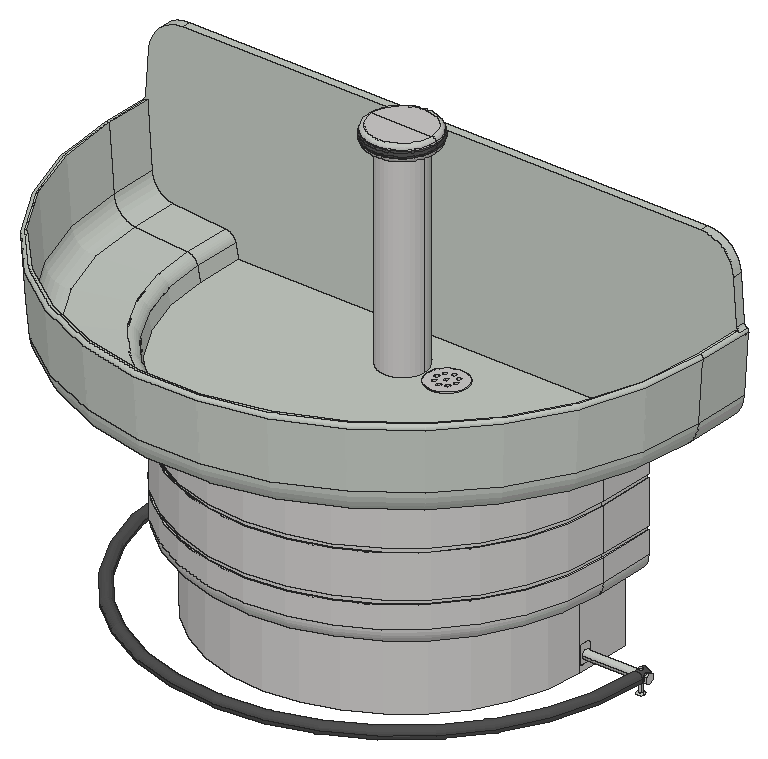
Revit family "Washfountain_Lavatory-Bradley_Corp-WF2504-Type_H_Drain", category Plumbing Fixtures, Revit 2012 (continued)
Lines and regions (in)
  model lines, not visible
    curve 24: arc (-18.00049, -5.09016, 19) -> (0, -23.09065, 19) -> (18.00049, -5.09016, 19) r 18.00049
    curve 25: line (18.00049, -5.09016, 19) -> (18.00049, 0, 19)
    curve 171: line (-21.00049, -5.09016, 0) -> (-21.00049, -4.125, 0)
    curve 172: arc (21.00049, -5.09016, 0) -> (0, -26.09065, 0) -> (-21.00049, -5.09016, 0) r 21.00049
    curve 173: line (21.00049, -4.125, 0) -> (21.00049, -5.09016, 0)
  sketch lines
    curve 17: line (-26.97649, -5.09016, 29.5) -> (-26.97649, 0, 29.5)
    curve 18: arc (-26.97649, -5.09016, 29.5) -> (0, -32.06665, 29.5) -> (26.97649, -5.09016, 29.5) r 26.97649
    curve 19: line (26.97649, -5.09016, 29.5) -> (26.97649, 0, 29.5)
    curve 20: line (-26.97649, -5.09016, 29.5) -> (-26.97649, 0, 29.5)
    curve 21: arc (-26.97649, -5.09016, 29.5) -> (0, -32.06665, 29.5) -> (26.97649, -5.09016, 29.5) r 26.97649
    curve 22: line (26.97649, -5.09016, 29.5) -> (26.97649, 0, 29.5)
    curve 26: line (-18.00049, 0, 19) -> (-18.00049, -5.09016, 19)
    curve 27: arc (-18.00049, -5.09016, 19) -> (0, -23.09065, 19) -> (18.00049, -5.09016, 19) r 18.00049
    curve 28: line (18.00049, -5.09016, 19) -> (18.00049, 0, 19)
    curve 29: line (-18.00049, 0, 19) -> (-18.00049, -5.09016, 19)
    curve 30: arc (-18.00049, -5.09016, 19) -> (0, -23.09065, 19) -> (18.00049, -5.09016, 19) r 18.00049
    curve 31: line (18.00049, -5.09016, 19) -> (18.00049, 0, 19)
    curve 32: line (-18.00049, 0, 19) -> (-18.00049, -5.09016, 19)
    curve 33: arc (-18.00049, -5.09016, 19) -> (0, -23.09065, 19) -> (18.00049, -5.09016, 19) r 18.00049
    curve 34: line (18.00049, -5.09016, 19) -> (18.00049, 0, 19)
    curve 35: line (-18.00049, 0, 19) -> (-18.00049, -5.09016, 19)
    curve 36: arc (-18.00049, -5.09016, 19) -> (0, -23.09065, 19) -> (18.00049, -5.09016, 19) r 18.00049
    curve 37: line (18.00049, -5.09016, 19) -> (18.00049, 0, 19)
    curve 174: line (-21.00049, -5.09016, 0) -> (-21.00049, -4.125, 0)
    curve 175: arc (21.00049, -5.09016, 0) -> (0, -26.09065, 0) -> (-21.00049, -5.09016, 0) r 21.00049
    curve 176: line (21.00049, -4.125, 0) -> (21.00049, -5.09016, 0)
  symbolic lines, visible <- "Standard Height"
    curve 38: line (-15.8525, 0, 6.50286) -> (15.85299, 0, 6.50286)
    curve 59: line (0, -20.94266, 6.50286) -> (0, 0, 6.50286)
  symbolic lines, visible <- "Standard Height", detail levels fine
    curve 39: line (17.87156, 0, 10.0615) -> (-17.87156, 0, 10.0615)
    curve 41: line (17.87156, 0, 10.43646) -> (-17.87156, 0, 10.43646)
    curve 42: line (17.87156, 0, 14.24904) -> (-17.87156, 0, 14.24904)
    curve 44: line (17.87156, 0, 14.624) -> (-17.87156, 0, 14.624)
    curve 60: line (0, -22.9605, 10.0615) -> (0, 0, 10.0615)
    curve 61: line (0, -22.9605, 10.43646) -> (0, 0, 10.43646)
    curve 63: line (0, -22.9605, 14.24904) -> (0, 0, 14.24904)
    curve 64: line (0, -22.9605, 14.624) -> (0, 0, 14.624)
  symbolic lines, visible <- "Standard Height", detail levels medium
    curve 40: line (-17.87156, 0, 10.24898) -> (17.87156, 0, 10.24898)
    curve 43: line (-17.87156, 0, 14.43652) -> (17.87156, 0, 14.43652)
    curve 62: line (0, -22.9605, 10.24898) -> (0, 0, 10.24898)
    curve 65: line (0, -22.9605, 14.43652) -> (0, 0, 14.43652)
  symbolic lines, visible <- "Juvenile Height"
    curve 45: line (-15.8525, 0, 9.1514) -> (15.8525, 0, 9.1514)
    curve 52: line (0, -20.94266, 9.1514) -> (0, 0, 9.1514)
  symbolic lines, visible <- "Juvenile Height", detail levels fine
    curve 46: line (17.89889, 0, 11.95585) -> (-17.89889, 0, 11.95585)
    curve 47: line (-17.89889, 0, 12.25134) -> (17.89889, 0, 12.25134)
    curve 49: line (17.89889, 0, 15.25592) -> (-17.89889, 0, 15.25592)
    curve 50: line (-17.89889, 0, 15.55141) -> (17.89889, 0, 15.55141)
    curve 53: line (0, -22.98904, 11.95585) -> (0, 0, 11.95585)
    curve 54: line (0, -22.98904, 12.25134) -> (0, 0, 12.25134)
    curve 56: line (0, -22.98904, 15.25592) -> (0, 0, 15.25592)
    curve 57: line (0, -22.98904, 15.55141) -> (0, 0, 15.55141)
  symbolic lines, visible <- "Juvenile Height", detail levels medium
    curve 48: line (17.89889, 0, 12.1036) -> (-17.89889, 0, 12.1036)
    curve 51: line (17.89889, 0, 15.40367) -> (-17.89889, 0, 15.40367)
    curve 55: line (0, -22.98904, 12.1036) -> (0, 0, 12.1036)
    curve 58: line (0, -22.98904, 15.40367) -> (0, 0, 15.40367)
  symbolic lines, detail levels coarse
    curve 66: line (0, -24.19857, 21.03318) -> (0, 0, 21.03318)
    curve 102: line (26.76758, 0, 29.5) -> (26.99999, 0, 29.5)
    curve 103: line (-26.76758, 0, 29.5) -> (-26.99999, 0, 29.5)
  symbolic lines, detail levels medium+fine
    curve 67: arc (0, -24.5796, 21.06589) -> (0, -20.96589, 20.75555) -> (0, -17.33954, 20.68645) r 54.45771
    curve 68: arc (-19.4921, -32.2274, 21.06542) -> (0, -32.2274, 20.35292) -> (19.4921, -32.2274, 21.06542) r 266.9846
    curve 73: line (-3.035, -5.25, 38.30527) -> (3.035, -5.25, 38.30527)
    curve 76: line (3.035, -5.25, 37.80542) -> (-3.03521, -5.25, 37.80542)
    curve 86: line (0, -2.215, 38.30527) -> (0, -8.28501, 38.30527)
    curve 89: line (0, -8.285, 37.80542) -> (0, -2.21501, 37.80542)
    curve 155: circle (0, -5.25, 38.75) r 3.035 normal (0, 0, 1)
    curve 209: circle (4, -5.25, 29.5) r 1.25 normal (0, 0, 1)
    curve 210: circle (4, -5.25, 29.5) r 0.1842 normal (0, 0, 1)
    curve 211: circle (4, -4.37229, 29.5) r 0.1842 normal (0, 0, 1)
    curve 212: circle (4.62063, -4.62937, 29.5) r 0.1842 normal (0, 0, 1)
    curve 213: circle (4.87771, -5.25, 29.5) r 0.1842 normal (0, 0, 1)
    curve 214: circle (4.62063, -5.87063, 29.5) r 0.1842 normal (0, 0, 1)
    curve 215: circle (4, -6.12771, 29.5) r 0.1842 normal (0, 0, 1)
    curve 216: circle (3.37937, -5.87063, 29.5) r 0.1842 normal (0, 0, 1)
    curve 217: circle (3.12229, -5.25, 29.5) r 0.1842 normal (0, 0, 1)
    curve 218: circle (3.37937, -4.62937, 29.5) r 0.1842 normal (0, 0, 1)
  symbolic lines, visible <- "Sensor Module", detail levels fine
    curve 69: line (-4.49987, -5.25, 41.68459) -> (4.49987, -5.25, 41.68459)
    curve 92: line (0, -0.75014, 41.68459) -> (0, -9.75014, 41.68459)
  symbolic lines, visible <- "Sensor Module", detail levels medium
    curve 70: line (4.57537, -5.25, 40.23512) -> (-4.57537, -5.25, 40.23512)
    curve 93: line (0, -9.82537, 40.23512) -> (0, -0.67463, 40.23512)
  symbolic lines, visible <- "Sensor Module"
    curve 71: line (-2, -5.25, 39.40962) -> (1.99689, -5.25, 39.40962)
    curve 94: line (0, -3.25001, 39.40962) -> (0, -7.25, 39.40962)
  symbolic lines, detail levels medium
    curve 72: line (-3.125, -5.25, 38.30527) -> (-3.035, -5.25, 38.30527)
    curve 74: line (3.035, -5.25, 38.30527) -> (3.125, -5.25, 38.30527)
    curve 75: line (3.125, -5.25, 37.80542) -> (3.035, -5.25, 37.80542)
    curve 77: line (-3.03521, -5.25, 37.80542) -> (-3.125, -5.25, 37.80542)
    curve 85: line (0, -2.125, 38.30527) -> (0, -2.215, 38.30527)
    curve 87: line (0, -8.28501, 38.30527) -> (0, -8.375, 38.30527)
    curve 88: line (0, -8.375, 37.80542) -> (0, -8.285, 37.80542)
    curve 90: line (0, -2.21501, 37.80542) -> (0, -2.125, 37.80542)
  symbolic lines
    curve 78: line (-2, -5.25, 37.36037) -> (2, -5.25, 37.36037)
    curve 91: line (0, -3.25001, 37.36037) -> (0, -7.25001, 37.36037)
    curve 101: line (-26.76758, 0, 29.5) -> (26.76758, 0, 29.5)
    curve 146: line (-18.00049, -5.09016, 29.5) -> (-18.00049, -0.8003, 29.5)
    curve 147: arc (-18.00049, -5.09016, 29.5) -> (0, -23.09065, 29.5) -> (18.00049, -5.09016, 29.5) r 18.00049
    curve 148: line (18.00049, -0.8003, 29.5) -> (18.00049, -5.09016, 29.5)
    curve 156: line (-26.99999, -0.8003, 29.5) -> (26.99999, -0.8003, 29.5)
    curve 204: line (-26.50049, -5.09016, 29.5) -> (-26.50049, -0.8003, 29.5)
    curve 205: arc (26.50049, -5.09016, 29.5) -> (0, -31.59065, 29.5) -> (-26.50049, -5.09016, 29.5) r 26.50049
    curve 206: line (26.50049, -0.8003, 29.5) -> (26.50049, -5.09016, 29.5)
    curve 208: circle (4, -5.25, 29.5) r 1.75 normal (0, 0, 1)
  symbolic lines, visible <- "Soap Dispenser", detail levels medium+fine
    curve 79: line (-6.24592, -5.25, 46.25047) -> (6.24592, -5.25, 46.25047)
    curve 96: line (0, -11.49592, 46.25047) -> (0, -3, 46.25047)
    curve 151: line (-5.85471, -3, 47.25) -> (-5.85471, -5.25, 47.25)
    curve 152: arc (5.85471, -5.25, 47.25) -> (0, -11.10471, 47.25) -> (-5.85471, -5.25, 47.25) r 5.85471
    curve 153: line (5.85471, -5.25, 47.25) -> (5.85471, -3, 47.25)
  symbolic lines, visible <- "Soap Dispenser", detail levels fine
    curve 80: line (6.24592, -5.25, 46.87642) -> (-6.24592, -5.25, 46.87642)
    curve 81: line (-5.97, -5.25, 45.63597) -> (5.97, -5.25, 45.63597)
    curve 82: line (5.93, -5.25, 44.38597) -> (-5.93, -5.25, 44.38597)
    curve 83: line (-5.88598, -5.25, 43.13598) -> (5.88598, -5.25, 43.13598)
    curve 84: line (5.85471, -5.25, 41.88597) -> (-5.85471, -5.25, 41.88597)
    curve 95: line (0, -11.49592, 46.87642) -> (0, -3, 46.87642)
    curve 97: line (0, -11.22, 45.63597) -> (0, -3, 45.63597)
    curve 98: line (0, -11.18, 44.38597) -> (0, -3, 44.38597)
    curve 99: line (0, -11.13598, 43.13598) -> (0, -3, 43.13598)
    curve 100: line (0, -11.10471, 41.88597) -> (0, -3, 41.88597)
  model lines, visible <- "Towel Dispenser", detail levels fine
    curve 106: spline (3.55188, -13.597, 53.37502) -> (3.64368, -13.43362, 56.41615) -> (3.91281, -12.95459, 59.25002) -> (4.34094, -12.19257, 61.68353) -> (4.89888, -11.19948, 63.55082) -> (5.54862, -10.04301, 64.72465) -> (6.24588, -8.80197, 65.12502) -> (6.94314, -7.56092, 64.72465) -> (7.59288, -6.40445, 63.55082) -> (8.15082, -5.41136, 61.68353) -> (8.57895, -4.64934, 59.25002) -> (8.84808, -4.17032, 56.41615) -> (8.93988, -4.00693, 53.37502)
    curve 107: spline (-8.93988, -4.00693, 53.37502) -> (-8.84808, -4.17032, 56.41615) -> (-8.57895, -4.64934, 59.25002) -> (-8.15082, -5.41136, 61.68353) -> (-7.59288, -6.40445, 63.55082) -> (-6.94314, -7.56092, 64.72465) -> (-6.24588, -8.80197, 65.12502) -> (-5.54862, -10.04301, 64.72465) -> (-4.89888, -11.19948, 63.55082) -> (-4.34094, -12.19257, 61.68353) -> (-3.91281, -12.95459, 59.25002) -> (-3.64368, -13.43362, 56.41615) -> (-3.55188, -13.597, 53.37502)
    curve 140: spline (-7.98129, -5.71312, 55.97659) -> (-7.96197, -5.74749, 56.01066) -> (-7.94398, -5.77953, 56.11056) -> (-7.92852, -5.80703, 56.26948) -> (-7.91666, -5.82814, 56.47659) -> (-7.90921, -5.84141, 56.71777) -> (-7.90667, -5.84593, 56.97659) -> (-7.90921, -5.84141, 57.2354) -> (-7.91666, -5.82814, 57.47659) -> (-7.92852, -5.80703, 57.68369) -> (-7.94398, -5.77953, 57.84261) -> (-7.96197, -5.74749, 57.94251) -> (-7.98129, -5.71312, 57.97659) -> (-8.0006, -5.67874, 57.94251) -> (-8.0186, -5.64671, 57.84261) -> (-8.03405, -5.6192, 57.68369) -> (-8.04591, -5.59809, 57.47659) -> (-8.05337, -5.58483, 57.2354) -> (-8.05591, -5.5803, 56.97659) -> (-8.05337, -5.58483, 56.71777) -> (-8.04591, -5.59809, 56.47659) -> (-8.03405, -5.6192, 56.26948) -> (-8.0186, -5.64671, 56.11056) -> (-8.0006, -5.67874, 56.01066) -> (-7.98129, -5.71312, 55.97659)
    curve 141: spline (4.51047, -11.89081, 55.97659) -> (4.52978, -11.85644, 56.01066) -> (4.54778, -11.82441, 56.11056) -> (4.56324, -11.7969, 56.26948) -> (4.57509, -11.77579, 56.47659) -> (4.58255, -11.76252, 56.71777) -> (4.58509, -11.758, 56.97659) -> (4.58255, -11.76252, 57.2354) -> (4.57509, -11.77579, 57.47659) -> (4.56324, -11.7969, 57.68369) -> (4.54778, -11.82441, 57.84261) -> (4.52978, -11.85644, 57.94251) -> (4.51047, -11.89081, 57.97659) -> (4.49116, -11.92519, 57.94251) -> (4.47316, -11.95722, 57.84261) -> (4.45771, -11.98473, 57.68369) -> (4.44585, -12.00584, 57.47659) -> (4.43839, -12.01911, 57.2354) -> (4.43585, -12.02363, 56.97659) -> (4.43839, -12.01911, 56.71777) -> (4.44585, -12.00584, 56.47659) -> (4.45771, -11.98473, 56.26948) -> (4.47316, -11.95722, 56.11056) -> (4.49116, -11.92519, 56.01066) -> (4.51047, -11.89081, 55.97659)
  symbolic lines, visible <- "Towel Dispenser"
    curve 108: line (-8.93988, -27, 66.62567) -> (-3.55188, -27, 66.62567)
    curve 109: line (-0.06458, -27, 67.313) -> (-3.55188, -27, 66.62567)
    curve 110: line (3.55188, -27, 66.62567) -> (0.06458, -27, 67.313)
    curve 111: line (8.93988, -27, 66.62567) -> (3.55188, -27, 66.62567)
    curve 112: line (3.55188, -27, 53.37502) -> (3.55188, -27, 66.62567)
    curve 113: line (-3.55188, -27, 66.62567) -> (-3.55188, -27, 53.37502)
    curve 114: line (-8.93988, -27, 53.37502) -> (-3.55188, -27, 53.37502)
    curve 115: line (-3.55188, -27, 53.37502) -> (-1.59028, -27, 52)
    curve 116: line (1.59028, -27, 52) -> (3.55188, -27, 53.37502)
    curve 125: line (0.06458, -27, 67.313) -> (0.06458, -27, 52)
    curve 126: line (-0.06458, -27, 52) -> (-0.06458, -27, 67.313)
    curve 130: line (0, -4.00693, 66.62567) -> (0, -2.04766, 67.313)
    curve 131: line (0, -4.00693, 66.62567) -> (0, -13.597, 66.62567)
    curve 132: line (0, -4.00693, 53.37502) -> (0, -4.00693, 66.62567)
    curve 133: line (0, -4.00693, 53.37502) -> (0, -13.597, 53.37502)
    curve 134: line (0, -2.90484, 52) -> (0, -4.00693, 53.37502)
    curve 145: line (8.93988, -27, 53.37502) -> (3.55188, -27, 53.37502)
    curve 149: line (-6.97827, -2.90484, 52) -> (-1.59028, -12.49491, 52)
    curve 150: line (6.97827, -2.90484, 52) -> (1.59028, -12.49491, 52)
    curve 157: line (-0.06458, -11.63773, 52) -> (-5.45258, -2.04766, 52)
    curve 158: line (5.45258, -2.04766, 52) -> (0.06458, -11.63773, 52)
    curve 160: line (-5.45258, 3, 67.313) -> (-5.45258, 3, 52)
    curve 161: line (5.45258, 3, 67.313) -> (5.45258, 3, 52)
    curve 162: line (5.45258, 3, 66.62567) -> (-5.45258, 3, 66.62567)
    curve 163: line (-5.45258, 3, 66.12567) -> (5.45258, 3, 66.12567)
    curve 164: line (5.45258, 3, 53.5786) -> (-5.45258, 3, 53.5786)
    curve 165: line (-5.45258, 3, 53.0786) -> (5.45258, 3, 53.0786)
    curve 166: line (-2, 3, 66.12567) -> (-2, 3, 53.5786)
    curve 167: line (2, 3, 66.12567) -> (2, 3, 53.5786)
    curve 168: line (-2, 3, 53.0786) -> (-2, 3, 52)
    curve 169: line (2, 3, 53.0786) -> (2, 3, 52)
    curve 170: line (-2, -27, 52) -> (2, -27, 52)
  symbolic lines, visible <- "Towel Dispenser", detail levels medium+fine
    curve 117: line (3.86374, -27, 53.0786) -> (7.78228, -27, 53.0786)
    curve 118: spline (7.78228, -27, 53.0786) -> (7.85835, -27, 53.06528) -> (7.89121, -27, 53.02621) -> (7.87863, -27, 52.96406) -> (7.82146, -27, 52.88306) -> (7.7236, -27, 52.78873) -> (7.59171, -27, 52.68751) -> (7.43479, -27, 52.58629) -> (7.26353, -27, 52.49197) -> (7.08959, -27, 52.41097) -> (6.92485, -27, 52.34882) -> (6.78051, -27, 52.30975) -> (6.66642, -27, 52.29642)
    curve 119: line (6.66642, -27, 52.29642) -> (2.74787, -27, 52.29642)
    curve 120: spline (2.74787, -27, 52.29642) -> (2.6718, -27, 52.30975) -> (2.63894, -27, 52.34882) -> (2.65152, -27, 52.41097) -> (2.70869, -27, 52.49197) -> (2.80656, -27, 52.58629) -> (2.93844, -27, 52.68751) -> (3.09536, -27, 52.78873) -> (3.26663, -27, 52.88306) -> (3.44056, -27, 52.96406) -> (3.60531, -27, 53.02621) -> (3.74965, -27, 53.06528) -> (3.86374, -27, 53.0786)
    curve 121: line (-3.86374, -27, 53.0786) -> (-7.78228, -27, 53.0786)
    curve 122: spline (-7.78228, -27, 53.0786) -> (-7.85835, -27, 53.06528) -> (-7.89121, -27, 53.02621) -> (-7.87863, -27, 52.96406) -> (-7.82146, -27, 52.88306) -> (-7.7236, -27, 52.78873) -> (-7.59171, -27, 52.68751) -> (-7.43479, -27, 52.58629) -> (-7.26353, -27, 52.49197) -> (-7.08959, -27, 52.41097) -> (-6.92485, -27, 52.34882) -> (-6.78051, -27, 52.30975) -> (-6.66642, -27, 52.29642)
    curve 123: line (-6.66642, -27, 52.29642) -> (-2.74787, -27, 52.29642)
    curve 124: spline (-2.74787, -27, 52.29642) -> (-2.6718, -27, 52.30975) -> (-2.63894, -27, 52.34882) -> (-2.65152, -27, 52.41097) -> (-2.70869, -27, 52.49197) -> (-2.80656, -27, 52.58629) -> (-2.93844, -27, 52.68751) -> (-3.09536, -27, 52.78873) -> (-3.26663, -27, 52.88306) -> (-3.44056, -27, 52.96406) -> (-3.60531, -27, 53.02621) -> (-3.74965, -27, 53.06528) -> (-3.86374, -27, 53.0786)
    curve 135: line (0, -5.07708, 53.0786) -> (0, -12.05168, 53.0786)
    curve 136: spline (0, -12.05168, 53.0786) -> (0, -12.21024, 53.06528) -> (0, -12.33662, 53.02621) -> (0, -12.42223, 52.96406) -> (0, -12.46122, 52.88306) -> (0, -12.45094, 52.78873) -> (0, -12.39209, 52.68751) -> (0, -12.28868, 52.58629) -> (0, -12.14776, 52.49197) -> (0, -11.97892, 52.41097) -> (0, -11.79369, 52.34882) -> (0, -11.60467, 52.30975) -> (0, -11.42476, 52.29642)
    curve 137: line (0, -11.42476, 52.29642) -> (0, -4.45016, 52.29642)
    curve 138: spline (0, -4.45016, 52.29642) -> (0, -4.29161, 52.30975) -> (0, -4.16522, 52.34882) -> (0, -4.07961, 52.41097) -> (0, -4.04062, 52.49197) -> (0, -4.0509, 52.58629) -> (0, -4.10975, 52.68751) -> (0, -4.21316, 52.78873) -> (0, -4.35409, 52.88306) -> (0, -4.52292, 52.96406) -> (0, -4.70815, 53.02621) -> (0, -4.89717, 53.06528) -> (0, -5.07708, 53.0786)
  symbolic lines, visible <- "Towel Dispenser", detail levels fine
    curve 127: spline (3.55188, -27, 53.37502) -> (3.64368, -27, 56.41615) -> (3.91281, -27, 59.25002) -> (4.34094, -27, 61.68353) -> (4.89888, -27, 63.55082) -> (5.54862, -27, 64.72465) -> (6.24588, -27, 65.12502) -> (6.94314, -27, 64.72465) -> (7.59288, -27, 63.55082) -> (8.15082, -27, 61.68353) -> (8.57895, -27, 59.25002) -> (8.84808, -27, 56.41615) -> (8.93988, -27, 53.37502)
    curve 128: spline (-8.93988, -27, 53.37502) -> (-8.84808, -27, 56.41615) -> (-8.57895, -27, 59.25002) -> (-8.15082, -27, 61.68353) -> (-7.59288, -27, 63.55082) -> (-6.94314, -27, 64.72465) -> (-6.24588, -27, 65.12502) -> (-5.54862, -27, 64.72465) -> (-4.89888, -27, 63.55082) -> (-4.34094, -27, 61.68353) -> (-3.91281, -27, 59.25002) -> (-3.64368, -27, 56.41615) -> (-3.55188, -27, 53.37502)
    curve 139: spline (0, -4.00693, 53.37502) -> (0, -4.17032, 56.41615) -> (0, -4.64934, 59.25002) -> (0, -5.41136, 61.68353) -> (0, -6.40445, 63.55082) -> (0, -7.56092, 64.72465) -> (0, -8.80197, 65.12502) -> (0, -10.04301, 64.72465) -> (0, -11.19948, 63.55082) -> (0, -12.19257, 61.68353) -> (0, -12.95459, 59.25002) -> (0, -13.43362, 56.41615) -> (0, -13.597, 53.37502)
    curve 142: spline (-7.98129, -27, 55.97659) -> (-7.96197, -27, 56.01066) -> (-7.94398, -27, 56.11056) -> (-7.92852, -27, 56.26948) -> (-7.91666, -27, 56.47659) -> (-7.90921, -27, 56.71777) -> (-7.90667, -27, 56.97659) -> (-7.90921, -27, 57.2354) -> (-7.91666, -27, 57.47659) -> (-7.92852, -27, 57.68369) -> (-7.94398, -27, 57.84261) -> (-7.96197, -27, 57.94251) -> (-7.98129, -27, 57.97659) -> (-8.0006, -27, 57.94251) -> (-8.0186, -27, 57.84261) -> (-8.03405, -27, 57.68369) -> (-8.04591, -27, 57.47659) -> (-8.05337, -27, 57.2354) -> (-8.05591, -27, 56.97659) -> (-8.05337, -27, 56.71777) -> (-8.04591, -27, 56.47659) -> (-8.03405, -27, 56.26948) -> (-8.0186, -27, 56.11056) -> (-8.0006, -27, 56.01066) -> (-7.98129, -27, 55.97659)
    curve 143: spline (4.51047, -27, 55.97659) -> (4.52978, -27, 56.01066) -> (4.54778, -27, 56.11056) -> (4.56324, -27, 56.26948) -> (4.57509, -27, 56.47659) -> (4.58255, -27, 56.71777) -> (4.58509, -27, 56.97659) -> (4.58255, -27, 57.2354) -> (4.57509, -27, 57.47659) -> (4.56324, -27, 57.68369) -> (4.54778, -27, 57.84261) -> (4.52978, -27, 57.94251) -> (4.51047, -27, 57.97659) -> (4.49116, -27, 57.94251) -> (4.47316, -27, 57.84261) -> (4.45771, -27, 57.68369) -> (4.44585, -27, 57.47659) -> (4.43839, -27, 57.2354) -> (4.43585, -27, 56.97659) -> (4.43839, -27, 56.71777) -> (4.44585, -27, 56.47659) -> (4.45771, -27, 56.26948) -> (4.47316, -27, 56.11056) -> (4.49116, -27, 56.01066) -> (4.51047, -27, 55.97659)
    curve 144: spline (0, -5.71312, 55.97659) -> (0, -5.74749, 56.01066) -> (0, -5.77953, 56.11056) -> (0, -5.80703, 56.26948) -> (0, -5.82814, 56.47659) -> (0, -5.84141, 56.71777) -> (0, -5.84593, 56.97659) -> (0, -5.84141, 57.2354) -> (0, -5.82814, 57.47659) -> (0, -5.80703, 57.68369) -> (0, -5.77953, 57.84261) -> (0, -5.74749, 57.94251) -> (0, -5.71312, 57.97659) -> (0, -5.67874, 57.94251) -> (0, -5.64671, 57.84261) -> (0, -5.6192, 57.68369) -> (0, -5.59809, 57.47659) -> (0, -5.58483, 57.2354) -> (0, -5.5803, 56.97659) -> (0, -5.58483, 56.71777) -> (0, -5.59809, 56.47659) -> (0, -5.6192, 56.26948) -> (0, -5.64671, 56.11056) -> (0, -5.67874, 56.01066) -> (0, -5.71312, 55.97659)
  symbolic lines, visible <- "Sensor Module", detail levels medium+fine
    curve 154: circle (0, -5.25, 42.25) r 2.10282 normal (0, 0, 1)
  symbolic lines, visible <- "Foot Control Valve"
    curve 177: line (-15.978, 0, 1.796) -> (-20.65712, 0, 1.796)
    curve 178: line (-15.978, 0, 1.054) -> (-20.65712, 0, 1.054)
    curve 179: arc (-20.88349, 0, 1.925) -> (-20.50058, 0, 1.425) -> (-20.88349, 0, 0.925) r 0.5179
    curve 184: line (15.978, 0, 1.796) -> (20.65712, 0, 1.796)
    curve 185: line (15.978, 0, 1.054) -> (20.65712, 0, 1.054)
    curve 186: arc (20.88349, 0, 1.925) -> (20.50058, 0, 1.425) -> (20.88349, 0, 0.925) r 0.5179
  symbolic lines, visible <- "Foot Control Valve", detail levels fine
    curve 180: line (-21.53456, 0, 1.796) -> (-21.53456, 0, 1.054)
    curve 181: line (-21.80027, 0, 1.64221) -> (-21.53456, 0, 1.64221)
    curve 182: line (-21.80027, 0, 1.21324) -> (-21.53456, 0, 1.21324)
    curve 183: line (-21.11749, 0, 0.12175) -> (-20.88349, 0, 0.12175)
    curve 187: line (21.53456, 0, 1.796) -> (21.53456, 0, 1.054)
    curve 188: line (21.80027, 0, 1.64221) -> (21.53456, 0, 1.64221)
    curve 189: line (21.80027, 0, 1.21324) -> (21.53456, 0, 1.21324)
    curve 190: line (21.11749, 0, 0.12175) -> (20.88349, 0, 0.12175)
    curve 192: arc (0, -4.996, 1.425) -> (0, -4.625, 1.796) -> (0, -4.254, 1.425) r 0.371
    curve 193: arc (0, -4.254, 1.425) -> (0, -4.625, 1.054) -> (0, -4.996, 1.425) r 0.371
    curve 194: line (0, -4.12723, 2.04222) -> (0, -4.12723, 1.925)
    curve 195: arc (0, -4.12723, 0.91722) -> (0, -4.20046, 0.74044) -> (0, -4.37723, 0.66722) r 0.25
    curve 196: line (0, -4.37723, 0.66722) -> (0, -4.508, 0.66722)
    curve 197: arc (0, -4.87723, 0.66722) -> (0, -5.05401, 0.74044) -> (0, -5.12723, 0.91722) r 0.25
    curve 198: arc (0, -5.12723, 2.04222) -> (0, -5.05401, 2.219) -> (0, -4.87723, 2.29222) r 0.25
    curve 199: line (0, -4.87723, 2.29222) -> (0, -4.37723, 2.29222)
    curve 200: arc (0, -4.37723, 2.29222) -> (0, -4.20046, 2.219) -> (0, -4.12723, 2.04222) r 0.25
    curve 202: line (0, -5.12723, 1.925) -> (0, -5.12723, 2.04222)
    curve 203: line (0, -4.742, 0.66722) -> (0, -4.87723, 0.66722)
  symbolic lines, not visible, detail levels fine
    curve 201: line (0, -4.12723, 1.73022) -> (0, -4.12723, 0.91722)
  model lines, detail levels medium+fine
    curve 207: circle (4, -5.25, 19.55176) r 1.25 normal (0, 0, 1)
  symbolic lines, visible <- "Button Visibility"
    curve 219: circle (0, -5.25, 40.8851) r 0.5 normal (0, -1, 0)
Dimensions and locks (in)
  equal spacing: plane 4 "Left", plane 3 "Center (Left/Right)", plane 5 "Right"
  "Width": plane 4 "Left" to plane 5 "Right"
  "Towel Dispenser Height": plane 6 "Towel Dispenser" to plane 2
  "Soap Dispenser Height": plane 7 "Soap Dispenser" to plane 2
  "Sensor Module Height": plane 8 "Sensor Module" to plane 2
  "Spray Head Height": plane 9 "Spray Head" to plane 2
  "Rim Height": plane 10 "Rim Height" to plane 2
  "Pedestal Height": plane 11 "Pedestal Height" to plane 2
  equal spacing: curve 14, plane 3 "Center (Left/Right)", curve 16
  locked: plane 7 "Soap Dispenser" to Revolve 7 sketch curve at 6
  locked: plane 9 "Spray Head" to Revolve 10 sketch curve at 1.38963
  locked: plane 7 "Soap Dispenser" to Extrusion 14 sketch curve at 6
  locked: plane 8 "Sensor Module" to Revolve 15 sketch curve at 2.84038
  locked: plane 8 "Sensor Module" to Revolve 16 sketch curve at 2.84038
  locked: plane 8 "Sensor Module" to Masking region 13 sketch curve at 2.84038  (x2)
  locked: plane 8 "Sensor Module" to Masking region 14 sketch curve at 2.84038  (x2)
  locked: plane 9 "Spray Head" to Masking region 15 sketch curve at 1.39  (x2)
  locked: plane 9 "Spray Head" to Masking region 16 sketch curve at 1.39
  locked: plane 9 "Spray Head" to Masking region 16 sketch curve at 1.38963
  locked: plane 7 "Soap Dispenser" to Masking region 17 sketch curve at 6
  locked: plane 7 "Soap Dispenser" to Masking region 18 sketch curve at 6
  locked: plane 9 "Spray Head" to Revolve 9 sketch curve at 1.38963
  locked: plane 9 "Spray Head" to Masking region 19 sketch curve at 1.38963  (x2)
  locked: plane 9 "Spray Head" to Masking region 20 sketch curve at 1.38963  (x2)
  locked: plane 8 "Sensor Module" to Masking region 21 sketch curve at 2.84038  (x2)
  locked: plane 8 "Sensor Module" to Masking region 22 sketch curve at 2.84038  (x2)
  locked: Extrusion 17 sketch curve to curve 104 at 4
  locked: curve 104 to Extrusion 17 sketch curve at 15.313
  locked: curve 104 to Extrusion 17 sketch curve at 15.16279
  locked: curve 105 to Extrusion 18 sketch curve at 4
  locked: curve 105 to Extrusion 18 sketch curve at 15.16279
  locked: curve 105 to Extrusion 18 sketch curve at 15.313
  locked: Masking region 25 sketch curve to plane 6 "Towel Dispenser" at 15.313
  locked: Extrusion 19 to Extrusion 17 at 1
  "Towel Dispenser Holder": plane 6 "Towel Dispenser" to Extrusion 19
  "Towel Dispenser Holder": plane 6 "Towel Dispenser" to Masking region 32
  locked: plane 7 "Soap Dispenser" to plane 12 at 6
  "Soap Dispenser Holder": plane 12 to Extrusion 20
  "Soap Dispenser Holder": plane 12 to Masking region 33
  "Soap Dispenser Holder": Masking region 34 to plane 12
  "Towel Dispenser Holder": plane 6 "Towel Dispenser" to Masking region 25 sketch curve
  plane 13 to plane 1 "Center (Front/Back)" = 32.2274"
  locked: Extrusion 19 to Masking region 26 sketch curve at 1
  Extrusion 38 sketch curve to plane 3 "Center (Left/Right)" to Extrusion 38 sketch curve = 7.625" locked, 7.625" locked
  locked: Extrusion 38 sketch curve to plane 1 "Center (Front/Back)" at 2  (x2)
  locked: Extrusion 39 sketch curve to plane 1 "Center (Front/Back)" at 5.25
  locked: Extrusion 39 sketch curve to plane 3 "Center (Left/Right)" at 4
  Extrusion 39 to plane 2 = 3.000"
  locked: Extrusion 38 to plane 2 at 2.5
  Extrusion 41 sketch curve to plane 3 "Center (Left/Right)" to Extrusion 41 sketch curve = 7.625" locked, 7.625" locked
  "Secondary Supply Height": Extrusion 41 sketch curve to plane 2  (x2)
  locked: plane 1 "Center (Front/Back)" to Extrusion 41 at 2.5
  "Supply Height": Extrusion 40 to plane 2
  plane 7 "Soap Dispenser" to Revolve 8 sketch curve to Revolve 8 sketch curve = 0.99953" locked, 5.00047" locked
  plane 7 "Soap Dispenser" to Extrusion 13 sketch curve to Extrusion 13 sketch curve = 0.99953" locked, 5.00047" locked
  locked: plane 7 "Soap Dispenser" to Revolve 42 sketch curve at 0.99953
  locked: plane 7 "Soap Dispenser" to Extrusion 43 sketch curve at 0.99953
  Extrusion 41 sketch curve to Extrusion 41 sketch curve to plane 2 = 2.000" locked, 10.000" locked
  "Hot Lavatory Inlet Secondary Radius": radius of Extrusion 38 sketch curve
  "Cold Lavatory Inlet Secondary Radius": radius of Extrusion 38 sketch curve
  "Drain Radius": radius of Extrusion 39 sketch curve
  "Vent Radius": radius of Extrusion 40 sketch curve
  "Hot Lavatory Inlet Primary Radius": radius of Extrusion 41 sketch curve
  "Cold Lavatory Inlet Primary Radius": radius of Extrusion 41 sketch curve
  aligned and locked: Revolve 7 sketch curve to plane 3 "Center (Left/Right)"
  aligned and locked: Revolve 8 sketch curve to plane 3 "Center (Left/Right)"
  aligned and locked: Revolve 9 sketch curve to plane 3 "Center (Left/Right)"
  aligned and locked: Revolve 10 sketch curve to plane 3 "Center (Left/Right)"
  aligned and locked: plane 3 "Center (Left/Right)" to Revolve 10 sketch curve
  aligned and locked: Revolve 10 sketch curve to plane 11 "Pedestal Height"
  aligned and locked: Revolve 9 sketch curve to plane 11 "Pedestal Height"
  aligned and locked: Revolve 15 sketch curve to plane 9 "Spray Head"
  aligned and locked: Revolve 15 sketch curve to plane 3 "Center (Left/Right)"
  aligned and locked: Revolve 16 sketch curve to plane 9 "Spray Head"
  aligned and locked: Revolve 16 sketch curve to plane 3 "Center (Left/Right)"
  aligned and locked: Masking region 13 sketch curve to plane 9 "Spray Head"
  aligned and locked: Masking region 14 sketch curve to plane 9 "Spray Head"
  aligned and locked: Masking region 15 sketch curve to plane 10 "Rim Height"
  aligned and locked: Masking region 16 sketch curve to plane 10 "Rim Height"
  aligned and locked: plane 10 "Rim Height" to Masking region 19 sketch curve
  aligned and locked: Masking region 20 sketch curve to plane 10 "Rim Height"
  aligned and locked: Masking region 21 sketch curve to plane 9 "Spray Head"
  aligned and locked: Masking region 22 sketch curve to plane 9 "Spray Head"
  aligned and locked: plane 6 "Towel Dispenser" to Masking region 32 sketch curve
  aligned and locked: Extrusion 20 to plane 12
  aligned and locked: Masking region 33 sketch curve to plane 12
  aligned and locked: plane 12 to Masking region 34 sketch curve
  aligned and locked: Extrusion 36 to plane 11 "Pedestal Height"
  aligned and locked: plane 10 "Rim Height" to Extrusion 36
  aligned and locked: Extrusion 37 to plane 11 "Pedestal Height"
  aligned and locked: plane 3 "Center (Left/Right)" to Extrusion 40 sketch curve
  aligned and locked: curve 7 to Extrusion 40 sketch curve
  aligned and locked: Extrusion 38 to plane 2
  aligned and locked: Extrusion 39 to plane 2
  aligned and locked: Extrusion 41 to plane 1 "Center (Front/Back)"
  aligned and locked: Extrusion 40 to plane 2
  aligned and locked: Revolve 42 sketch curve to plane 3 "Center (Left/Right)"
  aligned and locked: plane 3 "Center (Left/Right)" to Extrusion 44 sketch curve
Automatic sketch dimensions
  curve 172 to plane 3 "Center (Left/Right)" = 0.000"
  plane 4 "Left" to curve 171 = 5.99951"
  plane 1 "Center (Front/Back)" to curve 173 = 5.09016"
  curve 173 to curve 173 = 0.96516"
  curve 171 to curve 171 = 0.96516"
  curve 25 to plane 1 "Center (Front/Back)" = 0.000"
  curve 13 to plane 1 "Center (Front/Back)" = 0.000"
  curve 24 to plane 3 "Center (Left/Right)" = 0.000"
  curve 23 to plane 1 "Center (Front/Back)" = 0.000"
  plane 3 "Center (Left/Right)" to curve 13 = 1.49945"
  curve 25 to plane 5 "Right" = 8.99951"
  curve 13 to plane 3 "Center (Left/Right)" = 1.49945"
  plane 1 "Center (Front/Back)" to curve 24 = 5.09016"
  curve 4 to plane 3 "Center (Left/Right)" = 0.000"
  plane 3 "Center (Left/Right)" to curve 3 = 3.000"
  curve 3 to plane 3 "Center (Left/Right)" = 3.000"
  curve 4 to plane 1 "Center (Front/Back)" = 3.000"
  plane 1 "Center (Front/Back)" to curve 4 = 3.000"
  curve 4 to curve 3 = 2.250"
  curve 6 to plane 3 "Center (Left/Right)" = 0.000"
  plane 3 "Center (Left/Right)" to curve 5 = 3.000"
  curve 5 to plane 3 "Center (Left/Right)" = 3.000"
  curve 6 to plane 1 "Center (Front/Back)" = 3.000"
  plane 1 "Center (Front/Back)" to curve 6 = 3.000"
  curve 6 to curve 5 = 2.250"
  curve 8 to plane 3 "Center (Left/Right)" = 0.000"
  plane 3 "Center (Left/Right)" to curve 7 = 3.000"
  curve 7 to plane 3 "Center (Left/Right)" = 3.000"
  curve 8 to plane 1 "Center (Front/Back)" = 3.000"
  plane 1 "Center (Front/Back)" to curve 8 = 3.000"
  curve 8 to curve 7 = 2.250"
  curve 9 to plane 1 "Center (Front/Back)" = 0.000"
  curve 10 to plane 3 "Center (Left/Right)" = 0.000"
  plane 3 "Center (Left/Right)" to curve 105 = 0.06458"
  curve 159 to curve 10 = 2.000"
  plane 3 "Center (Left/Right)" to curve 9 = 3.000"
  plane 3 "Center (Left/Right)" to curve 129 = 3.000"
  plane 1 "Center (Front/Back)" to curve 105 = 2.04766"
  curve 105 to curve 9 = 2.45258"
  curve 104 to plane 3 "Center (Left/Right)" = 0.06458"
  curve 159 to plane 3 "Center (Left/Right)" = 2.000"
  curve 129 to plane 3 "Center (Left/Right)" = 3.000"
  curve 9 to plane 3 "Center (Left/Right)" = 3.000"
  plane 1 "Center (Front/Back)" to curve 104 = 2.04766"
  curve 9 to curve 104 = 2.45258"
  curve 159 to plane 1 "Center (Front/Back)" = 3.000"
  plane 1 "Center (Front/Back)" to curve 10 = 3.000"
  curve 10 to curve 105 = 8.63773"
  curve 104 to curve 105 = 0.000"
  curve 129 to plane 13 = 5.2274"
  curve 12 to plane 1 "Center (Front/Back)" = 0.000"
  curve 11 to plane 3 "Center (Left/Right)" = 0.000"
  plane 3 "Center (Left/Right)" to curve 12 = 3.000"
  curve 12 to plane 3 "Center (Left/Right)" = 3.000"
  curve 11 to plane 1 "Center (Front/Back)" = 3.000"
  plane 1 "Center (Front/Back)" to curve 11 = 3.000"
  Sweep 1 sketch curve to Sweep 1 sketch curve = 0.000"  (x15)
  Sweep 1 sketch curve to profile plane = 0.000"
  Sweep 1 sketch curve to profile plane = 10.500"
  profile plane to Sweep 1 sketch curve = 24.97649"
  profile plane to Sweep 1 sketch curve = 8.64604"
  Sweep 1 sketch curve to Sweep 1 sketch curve = 0.2187"
  Sweep 1 sketch curve to Sweep 1 sketch curve = 0.49398"
  Sweep 1 sketch curve to Sweep 1 sketch curve = 0.4924"
  Sweep 1 sketch curve to Sweep 1 sketch curve = 0.40869"
  Sweep 1 sketch curve to Sweep 1 sketch curve = 0.04186"  (x2)
  profile plane to Sweep 1 sketch curve = 2.9871"
  Sweep 1 sketch curve to Sweep 1 sketch curve = 0.20015"
  Sweep 1 sketch curve to Sweep 1 sketch curve = 0.04434"
  profile plane to Sweep 1 sketch curve = 0.86727"
  profile plane to Sweep 1 sketch curve = 0.47772"
  profile plane to Sweep 1 sketch curve = 0.36849"
  profile plane to Sweep 1 sketch curve = 0.3114"
  Sweep 1 sketch curve to Sweep 1 sketch curve = 0.17484"
  Sweep 1 sketch curve to profile plane = 0.00015"
  Sweep 1 sketch curve to Sweep 1 sketch curve = 0.42263"
  Sweep 1 sketch curve to Sweep 1 sketch curve = 0.00053"
  Sweep 1 sketch curve to Sweep 1 sketch curve = 1.14454"
  Sweep 1 sketch curve to Sweep 1 sketch curve = 0.08682"  (x2)
  Sweep 1 sketch curve to Sweep 1 sketch curve = 0.39837"
  Sweep 1 sketch curve to Sweep 1 sketch curve = 0.49804"
  Sweep 1 sketch curve to Sweep 1 sketch curve = 1.93244"
  Sweep 1 sketch curve to profile plane = 0.33398"
  Sweep 2 sketch curve to profile plane = 0.000"
  Sweep 2 sketch curve to profile plane = 9.99947"
  profile plane to Sweep 2 sketch curve = 24.97641"
  profile plane to Sweep 2 sketch curve = 8.64604"
  Sweep 2 sketch curve to Sweep 2 sketch curve = 0.35242"
  Sweep 2 sketch curve to Sweep 2 sketch curve = 0.41946"
  Sweep 2 sketch curve to Sweep 2 sketch curve = 0.42554"
  profile plane to Sweep 2 sketch curve = 0.99431"
  profile plane to Sweep 2 sketch curve = 0.52542"
  profile plane to Sweep 2 sketch curve = 0.47772"
  Sweep 2 sketch curve to profile plane = 0.0235"
  Sweep 2 sketch curve to Sweep 2 sketch curve = 0.50053"
  Sweep 2 sketch curve to Sweep 2 sketch curve = 1.53265"
  Sweep 2 sketch curve to Sweep 2 sketch curve = 0.46601"
  Sweep 2 sketch curve to Sweep 2 sketch curve = 0.61687"
  Sweep 2 sketch curve to Sweep 2 sketch curve = 0.46237"
  Sweep 3 sketch curve to Sweep 3 sketch curve = 0.000"  (x4)
  Sweep 3 sketch curve to profile plane = 0.000"
  Sweep 3 sketch curve to profile plane = 0.00049"
  Sweep 3 sketch curve to profile plane = 0.0005"
  Sweep 3 sketch curve to profile plane = 0.00454"
  Sweep 3 sketch curve to Sweep 3 sketch curve = 0.12487"  (x4)
  Sweep 3 sketch curve to Sweep 3 sketch curve = 0.37107"
  Sweep 3 sketch curve to Sweep 3 sketch curve = 0.500"  (x2)
  Sweep 3 sketch curve to Sweep 3 sketch curve = 0.00406"
  Sweep 3 sketch curve to Sweep 3 sketch curve = 1.03001"
  Sweep 3 sketch curve to Sweep 3 sketch curve = 0.61748"
  Sweep 3 sketch curve to profile plane = 4.376"
  Sweep 3 sketch curve to Sweep 3 sketch curve = 0.375"  (x2)
  Sweep 3 sketch curve to Sweep 3 sketch curve = 3.81254"
  Sweep 3 sketch curve to Sweep 3 sketch curve = 0.37496"  (x2)
  Sweep 3 sketch curve to Sweep 3 sketch curve = 2.02863"
  Sweep 3 sketch curve to Sweep 3 sketch curve = 6.50286"
  Sweep 4 sketch curve to profile plane = 0.000"  (x2)
  Sweep 4 sketch curve to profile plane = 0.50454"
  Sweep 4 sketch curve to Sweep 4 sketch curve = 1.64345"
  Sweep 4 sketch curve to Sweep 4 sketch curve = 0.500"  (x2)
  Sweep 4 sketch curve to profile plane = 11.99714"
  Sweep 4 sketch curve to Sweep 4 sketch curve = 6.50286"
  Sweep 5 sketch curve to Sweep 5 sketch curve = 0.000"  (x4)
  Sweep 5 sketch curve to profile plane = 0.000"  (x2)
  Sweep 5 sketch curve to profile plane = 0.00001"
  Sweep 5 sketch curve to profile plane = 0.0032"
  Sweep 5 sketch curve to profile plane = 0.1016"
  Sweep 5 sketch curve to Sweep 5 sketch curve = 0.1016"  (x2)
  Sweep 5 sketch curve to Sweep 5 sketch curve = 0.29243"
  Sweep 5 sketch curve to Sweep 5 sketch curve = 0.39403"  (x2)
  Sweep 5 sketch curve to Sweep 5 sketch curve = 0.0032"
  Sweep 5 sketch curve to Sweep 5 sketch curve = 0.09841"
  Sweep 5 sketch curve to profile plane = 1.64799"
  Sweep 5 sketch curve to Sweep 5 sketch curve = 0.500"
  Sweep 5 sketch curve to Sweep 5 sketch curve = 3.44859"
  Sweep 5 sketch curve to Sweep 5 sketch curve = 0.29553"  (x2)
  Sweep 5 sketch curve to Sweep 5 sketch curve = 3.00454"
  Sweep 5 sketch curve to Sweep 5 sketch curve = 0.29549"  (x2)
  Sweep 5 sketch curve to Sweep 5 sketch curve = 1.15647"
  Sweep 5 sketch curve to Sweep 5 sketch curve = 5.1514"
  Sweep 6 sketch curve to profile plane = 0.000"  (x2)
  Sweep 6 sketch curve to profile plane = 0.500"
  Sweep 6 sketch curve to Sweep 6 sketch curve = 1.64799"
  Sweep 6 sketch curve to Sweep 6 sketch curve = 0.500"  (x2)
  Sweep 6 sketch curve to profile plane = 9.3486"
  Sweep 6 sketch curve to Sweep 6 sketch curve = 5.1514"
  Revolve 7 sketch curve to curve 7 = 0.000"  (x2)
  Revolve 7 sketch curve to curve 7 = 14.27037"
  Revolve 7 sketch curve to curve 7 = 0.11538"
  Revolve 7 sketch curve to curve 7 = 2.85471"
  Revolve 7 sketch curve to Revolve 7 sketch curve = 0.03127"
  Revolve 7 sketch curve to Revolve 7 sketch curve = 0.04402"
  Revolve 7 sketch curve to Revolve 7 sketch curve = 0.040"  (x2)
  Revolve 7 sketch curve to Revolve 7 sketch curve = 0.23592"
  curve 7 to Revolve 7 sketch curve = 3.000"
  Revolve 7 sketch curve to curve 7 = 9.94403"
  Revolve 7 sketch curve to Revolve 7 sketch curve = 0.63597"
  Revolve 7 sketch curve to Revolve 7 sketch curve = 1.25001"
  Revolve 7 sketch curve to Revolve 7 sketch curve = 1.24999"
  Revolve 7 sketch curve to Revolve 7 sketch curve = 1.250"
  Revolve 7 sketch curve to Revolve 7 sketch curve = 0.61449"
  Revolve 7 sketch curve to curve 7 = 2.05597"
  Revolve 8 sketch curve to Revolve 8 sketch curve = 0.000"
  Revolve 8 sketch curve to curve 7 = 2.85471"
  Revolve 8 sketch curve to curve 7 = 3.24592"
  Revolve 8 sketch curve to Revolve 8 sketch curve = 0.70187"
  Revolve 8 sketch curve to Revolve 8 sketch curve = 2.79766"
  Revolve 9 sketch curve to curve 3 = 0.000"
  curve 3 to Revolve 9 sketch curve = 1.000"
  curve 3 to Revolve 9 sketch curve = 0.310"  (x2)
  Revolve 9 sketch curve to curve 3 = 0.03125"  (x2)
  Revolve 9 sketch curve to curve 3 = 0.035"  (x2)
  Revolve 9 sketch curve to Revolve 9 sketch curve = 0.09375"
  Revolve 9 sketch curve to Revolve 9 sketch curve = 2.000"
  curve 3 to Revolve 9 sketch curve = 1.99429"
  Revolve 9 sketch curve to curve 3 = 0.94458"
  Revolve 9 sketch curve to curve 3 = 0.5384"
  Revolve 9 sketch curve to Revolve 9 sketch curve = 1.00571"
  curve 3 to Revolve 10 sketch curve = 1.000"
  Revolve 10 sketch curve to curve 3 = 0.00012"
  curve 3 to Revolve 10 sketch curve = 0.31985"
  curve 3 to Revolve 10 sketch curve = 0.310"
  Revolve 10 sketch curve to curve 3 = 0.125"
  curve 3 to Revolve 10 sketch curve = 1.46535"
  Revolve 10 sketch curve to curve 3 = 0.94458"
  Revolve 10 sketch curve to curve 3 = 0.44473"
  Revolve 10 sketch curve to Revolve 10 sketch curve = 0.13611"
  Extrusion 11 sketch curve to curve 1 = 0.000"  (x2)
  Extrusion 11 sketch curve to curve 1 = 0.37401"  (x2)
  Extrusion 11 sketch curve to curve 1 = 24.10086"
  curve 1 to Extrusion 11 sketch curve = 0.04217"  (x2)
  Extrusion 11 sketch curve to Extrusion 11 sketch curve = 0.27885"
  Extrusion 11 sketch curve to Extrusion 11 sketch curve = 0.1484"  (x2)
  curve 1 to Extrusion 11 sketch curve = 0.31219"
  Extrusion 11 sketch curve to curve 1 = 0.33907"  (x2)
  Extrusion 11 sketch curve to Extrusion 11 sketch curve = 0.17484"  (x2)
  Extrusion 11 sketch curve to curve 1 = 4.20977"  (x2)
  Extrusion 11 sketch curve to Extrusion 11 sketch curve = 0.27067"
  Extrusion 11 sketch curve to Extrusion 11 sketch curve = 0.55587"
  curve 1 to Extrusion 11 sketch curve = 5.57086"  (x2)
  Extrusion 11 sketch curve to Extrusion 11 sketch curve = 0.000"  (x8)
  Extrusion 11 sketch curve to Extrusion 11 sketch curve = 1.96419"
  Extrusion 11 sketch curve to Extrusion 11 sketch curve = 0.15563"  (x2)
  Extrusion 11 sketch curve to Extrusion 11 sketch curve = 2.9927"  (x2)
  Extrusion 11 sketch curve to Extrusion 11 sketch curve = 4.61107"
  Extrusion 11 sketch curve to Extrusion 11 sketch curve = 0.08372"  (x2)
  Extrusion 11 sketch curve to Extrusion 11 sketch curve = 0.98481"
  Extrusion 11 sketch curve to Extrusion 11 sketch curve = 0.2187"  (x2)
  curve 1 to Extrusion 11 sketch curve = 15.33045"
  curve 1 to Extrusion 11 sketch curve = 7.93634"
  Extrusion 11 sketch curve to Extrusion 11 sketch curve = 0.90109"
  Extrusion 11 sketch curve to Extrusion 11 sketch curve = 3.88752"
  Extrusion 11 sketch curve to Extrusion 11 sketch curve = 4.53916"
  curve 1 to Extrusion 11 sketch curve = 7.54192"
  Extrusion 11 sketch curve to Extrusion 11 sketch curve = 2.11982"
  Extrusion 11 sketch curve to Extrusion 11 sketch curve = 0.16832"
  Extrusion 11 sketch curve to Extrusion 11 sketch curve = 0.10235"
  Extrusion 11 sketch curve to Extrusion 11 sketch curve = 0.16632"
  Extrusion 11 sketch curve to Extrusion 11 sketch curve = 2.36548"
  Extrusion 11 sketch curve to Extrusion 11 sketch curve = 0.82284"  (x2)
  Extrusion 11 sketch curve to Extrusion 11 sketch curve = 1.24029"
  Extrusion 11 sketch curve to Extrusion 11 sketch curve = 1.97106"
  Extrusion 11 sketch curve to Extrusion 11 sketch curve = 0.20927"
  curve 103 to curve 1 = 0.000"
  curve 103 to curve 1 = 23.99999"
  curve 103 to curve 103 = 0.23242"
  curve 101 to curve 102 = 0.23242"
  Extrusion 12 sketch curve to curve 1 = 0.000"  (x2)
  Extrusion 12 sketch curve to curve 1 = 3.33827"  (x2)
  Extrusion 12 sketch curve to curve 1 = 23.99999"
  Extrusion 12 sketch curve to Extrusion 12 sketch curve = 0.50122"
  curve 1 to Extrusion 12 sketch curve = 7.38758"  (x2)
  Extrusion 12 sketch curve to Extrusion 12 sketch curve = 0.51659"
  Extrusion 12 sketch curve to Extrusion 12 sketch curve = 3.66224"
  Extrusion 12 sketch curve to Extrusion 12 sketch curve = 7.29931"  (x2)
  Extrusion 12 sketch curve to Extrusion 12 sketch curve = 0.35242"  (x2)
  curve 1 to Extrusion 12 sketch curve = 15.33045"
  Extrusion 12 sketch curve to Extrusion 12 sketch curve = 4.65489"
  Extrusion 12 sketch curve to Extrusion 12 sketch curve = 3.16101"
  Extrusion 12 sketch curve to Extrusion 12 sketch curve = 0.61323"  (x2)
  Extrusion 12 sketch curve to Extrusion 12 sketch curve = 1.99866"
  Extrusion 13 sketch curve to curve 7 = 3.24592"
  Extrusion 13 sketch curve to curve 7 = 2.85471"
  curve 7 to Extrusion 13 sketch curve = 2.85471"
  curve 7 to Extrusion 13 sketch curve = 3.24592"
  Extrusion 14 sketch curve to curve 7 = 0.000"  (x3)
  Extrusion 14 sketch curve to curve 7 = 14.27037"  (x2)
  Extrusion 14 sketch curve to curve 7 = 0.11538"
  Extrusion 14 sketch curve to curve 7 = 2.85471"
  Extrusion 14 sketch curve to Extrusion 14 sketch curve = 0.03127"  (x2)
  Extrusion 14 sketch curve to Extrusion 14 sketch curve = 0.04402"  (x2)
  Extrusion 14 sketch curve to Extrusion 14 sketch curve = 0.040"  (x4)
  Extrusion 14 sketch curve to Extrusion 14 sketch curve = 0.23592"
  curve 7 to Extrusion 14 sketch curve = 0.11538"
  curve 7 to Extrusion 14 sketch curve = 2.85471"
  curve 7 to Extrusion 14 sketch curve = 0.37358"
  Extrusion 14 sketch curve to Extrusion 14 sketch curve = 0.63597"  (x2)
  Extrusion 14 sketch curve to Extrusion 14 sketch curve = 1.25001"  (x2)
  Extrusion 14 sketch curve to Extrusion 14 sketch curve = 1.24999"  (x2)
  Extrusion 14 sketch curve to Extrusion 14 sketch curve = 1.250"  (x2)
  Extrusion 14 sketch curve to Extrusion 14 sketch curve = 0.62595"  (x2)
  curve 12 to Masking region 1 sketch curve = 0.000"
  Masking region 1 sketch curve to curve 12 = 15.00049"
  Masking region 1 sketch curve to Masking region 1 sketch curve = 2.14799"  (x2)
  curve 12 to Masking region 1 sketch curve = 12.8525"
  Masking region 1 sketch curve to Masking region 1 sketch curve = 12.49714"  (x2)
  Masking region 1 sketch curve to Masking region 1 sketch curve = 6.50286"
  Masking region 2 sketch curve to curve 12 = 0.000"
  curve 12 to Masking region 2 sketch curve = 4.376"  (x2)
  Masking region 2 sketch curve to curve 12 = 15.00049"
  Masking region 2 sketch curve to Masking region 2 sketch curve = 0.00001"
  Masking region 2 sketch curve to Masking region 2 sketch curve = 0.00405"
  Masking region 2 sketch curve to Masking region 2 sketch curve = 0.12893"  (x2)
  Masking region 2 sketch curve to Masking region 2 sketch curve = 0.12487"  (x2)
  Masking region 2 sketch curve to Masking region 2 sketch curve = 1.53001"  (x2)
  Masking region 2 sketch curve to Masking region 2 sketch curve = 0.61748"  (x2)
  curve 12 to Masking region 2 sketch curve = 12.85299"
  Masking region 2 sketch curve to Masking region 2 sketch curve = 1.40109"
  Masking region 2 sketch curve to Masking region 2 sketch curve = 0.000"
  Masking region 2 sketch curve to Masking region 2 sketch curve = 0.375"  (x2)
  Masking region 2 sketch curve to Masking region 2 sketch curve = 3.81254"  (x2)
  Masking region 2 sketch curve to Masking region 2 sketch curve = 0.37496"  (x2)
  Masking region 2 sketch curve to Masking region 2 sketch curve = 2.02863"  (x2)
  Masking region 2 sketch curve to Masking region 2 sketch curve = 6.50286"
  Masking region 3 sketch curve to curve 12 = 0.000"
  Masking region 3 sketch curve to curve 12 = 15.00049"
  Masking region 3 sketch curve to Masking region 3 sketch curve = 2.14799"  (x2)
  curve 12 to Masking region 3 sketch curve = 12.8525"
  Masking region 3 sketch curve to Masking region 3 sketch curve = 9.8486"  (x2)
  Masking region 3 sketch curve to Masking region 3 sketch curve = 5.1514"
  Masking region 4 sketch curve to curve 12 = 0.000"
  Masking region 4 sketch curve to curve 12 = 15.00049"
  Masking region 4 sketch curve to Masking region 4 sketch curve = 0.00001"
  Masking region 4 sketch curve to Masking region 4 sketch curve = 0.00319"
  Masking region 4 sketch curve to Masking region 4 sketch curve = 0.1016"  (x4)
  Masking region 4 sketch curve to Masking region 4 sketch curve = 1.64798"
  Masking region 4 sketch curve to Masking region 4 sketch curve = 0.500"  (x2)
  curve 12 to Masking region 4 sketch curve = 12.8525"
  Masking region 4 sketch curve to Masking region 4 sketch curve = 1.54638"
  Masking region 4 sketch curve to Masking region 4 sketch curve = 0.000"
  Masking region 4 sketch curve to Masking region 4 sketch curve = 0.09841"
  Masking region 4 sketch curve to Masking region 4 sketch curve = 3.44859"
  curve 12 to Masking region 4 sketch curve = 3.44859"
  Masking region 4 sketch curve to Masking region 4 sketch curve = 0.29553"  (x2)
  Masking region 4 sketch curve to Masking region 4 sketch curve = 3.00454"  (x2)
  Masking region 4 sketch curve to Masking region 4 sketch curve = 0.29549"  (x2)
  Masking region 4 sketch curve to Masking region 4 sketch curve = 1.15647"  (x2)
  Masking region 4 sketch curve to Masking region 4 sketch curve = 5.1514"
  Masking region 5 sketch curve to curve 1 = 0.000"  (x2)
  Masking region 5 sketch curve to curve 1 = 23.99999"
  curve 1 to Masking region 5 sketch curve = 7.84995"  (x2)
  Masking region 5 sketch curve to Masking region 5 sketch curve = 0.54892"
  Masking region 5 sketch curve to Masking region 5 sketch curve = 3.66224"
  Masking region 5 sketch curve to Masking region 5 sketch curve = 7.34266"  (x2)
  Masking region 5 sketch curve to Masking region 5 sketch curve = 0.3585"  (x2)
  curve 1 to Masking region 5 sketch curve = 15.74991"
  Masking region 5 sketch curve to curve 1 = 7.0005"
  Masking region 5 sketch curve to Masking region 5 sketch curve = 4.22934"
  Masking region 5 sketch curve to curve 1 = 3.33827"
  Masking region 5 sketch curve to Masking region 5 sketch curve = 0.61687"  (x2)
  Masking region 5 sketch curve to Masking region 5 sketch curve = 2.03318"
  Masking region 6 sketch curve to curve 1 = 0.37401"  (x2)
  Masking region 6 sketch curve to curve 1 = 24.10086"
  curve 1 to Masking region 6 sketch curve = 0.33398"  (x2)
  Masking region 6 sketch curve to Masking region 6 sketch curve = 0.12422"
  Masking region 6 sketch curve to Masking region 6 sketch curve = 0.000"  (x11)
  curve 1 to Masking region 6 sketch curve = 0.04217"
  Masking region 6 sketch curve to Masking region 6 sketch curve = 0.15463"
  Masking region 6 sketch curve to Masking region 6 sketch curve = 0.15692"
  Masking region 6 sketch curve to Masking region 6 sketch curve = 0.36864"
  curve 1 to Masking region 6 sketch curve = 5.60574"  (x2)
  Masking region 6 sketch curve to curve 1 = 0.33907"  (x2)
  Masking region 6 sketch curve to Masking region 6 sketch curve = 0.27067"  (x2)
  Masking region 6 sketch curve to Masking region 6 sketch curve = 2.37412"
  Masking region 6 sketch curve to Masking region 6 sketch curve = 0.24448"  (x2)
  Masking region 6 sketch curve to Masking region 6 sketch curve = 2.9927"  (x2)
  Masking region 6 sketch curve to Masking region 6 sketch curve = 4.69992"
  curve 1 to Masking region 6 sketch curve = 8.43458"
  Masking region 6 sketch curve to Masking region 6 sketch curve = 0.04186"
  Masking region 6 sketch curve to Masking region 6 sketch curve = 0.4924"  (x2)
  Masking region 6 sketch curve to Masking region 6 sketch curve = 0.21712"  (x2)
  Masking region 6 sketch curve to Masking region 6 sketch curve = 0.49398"  (x2)
  curve 1 to Masking region 6 sketch curve = 15.33045"
  Masking region 6 sketch curve to Masking region 6 sketch curve = 0.45055"
  Masking region 6 sketch curve to curve 1 = 7.0005"
  Masking region 6 sketch curve to Masking region 6 sketch curve = 3.84566"
  Masking region 6 sketch curve to Masking region 6 sketch curve = 4.4973"
  Masking region 6 sketch curve to curve 1 = 4.20977"
  Masking region 6 sketch curve to Masking region 6 sketch curve = 2.61861"
  curve 1 to Masking region 6 sketch curve = 0.31219"
  Masking region 6 sketch curve to Masking region 6 sketch curve = 0.06397"
  curve 1 to Masking region 6 sketch curve = 0.05534"
  Masking region 6 sketch curve to Masking region 6 sketch curve = 0.17767"
  Masking region 6 sketch curve to Masking region 6 sketch curve = 0.13388"
  Masking region 6 sketch curve to Masking region 6 sketch curve = 0.41142"
  Masking region 6 sketch curve to Masking region 6 sketch curve = 3.24026"
  Masking region 6 sketch curve to Masking region 6 sketch curve = 0.08682"
  Masking region 6 sketch curve to Masking region 6 sketch curve = 1.154"  (x2)
  Masking region 6 sketch curve to Masking region 6 sketch curve = 0.07737"
  Masking region 6 sketch curve to Masking region 6 sketch curve = 2.43048"  (x2)
  Masking region 6 sketch curve to Masking region 6 sketch curve = 3.000"
  Masking region 7 sketch curve to curve 11 = 0.000"
  curve 11 to Masking region 7 sketch curve = 3.000"
  curve 11 to Masking region 7 sketch curve = 17.94266"
  Masking region 7 sketch curve to Masking region 7 sketch curve = 2.14799"
  curve 11 to Masking region 7 sketch curve = 12.49714"
  Masking region 7 sketch curve to curve 11 = 19.000"
  Masking region 8 sketch curve to curve 11 = 0.000"
  curve 11 to Masking region 8 sketch curve = 3.000"
  curve 11 to Masking region 8 sketch curve = 17.94266"
  Masking region 8 sketch curve to Masking region 8 sketch curve = 0.58885"
  Masking region 8 sketch curve to Masking region 8 sketch curve = 1.42899"  (x2)
  Masking region 8 sketch curve to Masking region 8 sketch curve = 0.1256"
  Masking region 8 sketch curve to Masking region 8 sketch curve = 1.55864"
  Masking region 8 sketch curve to Masking region 8 sketch curve = 0.12966"
  curve 11 to Masking region 8 sketch curve = 4.376"
  Masking region 8 sketch curve to Masking region 8 sketch curve = 0.375"
  Masking region 8 sketch curve to Masking region 8 sketch curve = 3.81254"
  Masking region 8 sketch curve to Masking region 8 sketch curve = 0.37496"
  Masking region 8 sketch curve to Masking region 8 sketch curve = 2.000"
  Masking region 8 sketch curve to curve 11 = 19.000"
  Masking region 9 sketch curve to curve 11 = 0.000"
  curve 11 to Masking region 9 sketch curve = 3.000"
  curve 11 to Masking region 9 sketch curve = 17.94266"
  Masking region 9 sketch curve to Masking region 9 sketch curve = 2.14799"
  curve 11 to Masking region 9 sketch curve = 9.8486"
  Masking region 9 sketch curve to curve 11 = 15.000"
  Masking region 10 sketch curve to curve 11 = 0.000"
  curve 11 to Masking region 10 sketch curve = 3.000"
  curve 11 to Masking region 10 sketch curve = 17.94266"
  Masking region 10 sketch curve to Masking region 10 sketch curve = 0.500"
  Masking region 10 sketch curve to Masking region 10 sketch curve = 1.54638"  (x2)
  Masking region 10 sketch curve to Masking region 10 sketch curve = 0.09841"
  Masking region 10 sketch curve to Masking region 10 sketch curve = 0.1016"  (x2)
  curve 11 to Masking region 10 sketch curve = 3.44859"
  Masking region 10 sketch curve to Masking region 10 sketch curve = 0.29553"
  Masking region 10 sketch curve to Masking region 10 sketch curve = 3.00454"
  Masking region 10 sketch curve to Masking region 10 sketch curve = 0.29549"
  Masking region 10 sketch curve to Masking region 10 sketch curve = 1.15647"
  Masking region 10 sketch curve to Masking region 10 sketch curve = 5.1514"
  Masking region 11 sketch curve to curve 2 = 0.000"
  curve 2 to Masking region 11 sketch curve = 3.000"
  Masking region 11 sketch curve to curve 2 = 2.1997"
  curve 2 to Masking region 11 sketch curve = 20.84006"
  curve 2 to Masking region 11 sketch curve = 8.46682"
  Masking region 11 sketch curve to Masking region 11 sketch curve = 0.3585"
  curve 2 to Masking region 11 sketch curve = 7.84995"
  Masking region 11 sketch curve to Masking region 11 sketch curve = 7.34266"
  Masking region 11 sketch curve to Masking region 11 sketch curve = 0.54892"
  Masking region 11 sketch curve to Masking region 11 sketch curve = 2.03318"
  curve 2 to Masking region 11 sketch curve = 7.0005"
  Masking region 12 sketch curve to curve 2 = 0.000"
  curve 2 to Masking region 12 sketch curve = 3.000"
  Masking region 12 sketch curve to curve 2 = 2.1997"
  curve 2 to Masking region 12 sketch curve = 20.41796"
  Masking region 12 sketch curve to Masking region 12 sketch curve = 0.49452"
  curve 2 to Masking region 12 sketch curve = 10.07382"
  curve 2 to Masking region 12 sketch curve = 8.84553"
  Masking region 12 sketch curve to Masking region 12 sketch curve = 0.21658"
  Masking region 12 sketch curve to Masking region 12 sketch curve = 0.000"  (x3)
  curve 2 to Masking region 12 sketch curve = 8.43411"
  Masking region 12 sketch curve to Masking region 12 sketch curve = 0.45055"
  Masking region 12 sketch curve to Masking region 12 sketch curve = 0.4924"
  Masking region 12 sketch curve to Masking region 12 sketch curve = 4.4973"
  curve 2 to Masking region 12 sketch curve = 8.03575"
  Masking region 12 sketch curve to Masking region 12 sketch curve = 0.24448"
  curve 2 to Masking region 12 sketch curve = 5.60527"
  Masking region 12 sketch curve to Masking region 12 sketch curve = 2.61861"
